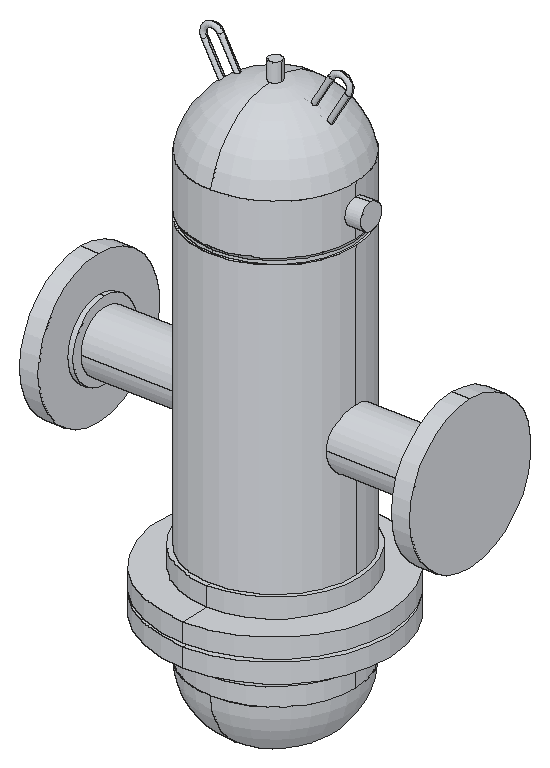
Revit family "WVA-2", category Mechanical Equipment, Revit 2014
Parameters (values of type "WVA-2")
  SlideFlangeStep2Diameter = 5.90551"
  SideFlangeStep1Diameter = 3.07087"
  SideDrainExtrusion = CylinderHalfLength * 0.13123  # 0.59054"
  PipeConnectorDiameter = 2"
  PartNumber = "72080020"
  MaximumOperatingTemperature = "240°F"
  MaximumOperatingPressure = "125 PSIG"
  MaximumFlow = "69 GPM"
  HookWidth = 3/4"
  SideFlangeThickness1 = 0.23622"
  SideFlangeThickness = 0.70866"
  LeftHookDistance = 0.35916"
  TopExtrusionDiameter = A * 0.1111  # 0.9999"
  SideFlangeStep2 = PipeDiameter * 1.667  # 3.95748"
  SideFlangeStep1 = PipeDiameter * 1.2165  # 2.88799"
  PipeDiameter = 2.37402"
  HookTopDistance = B * 0.01386  # 0.31878"
  HookDistance = A * 0.19597  # 1.76373"
  URL = "http://westank.com/"
  TotalHeight = B * 0.1364  # 3.1372"
  Step5Diameter = A * 0.21818  # 1.96363"
  Step4Diameter = A * 0.25455  # 2.29091"
  Step3Diameter = A * 0.18182  # 1.63638"
  Step2Diameter = A * 0.10909  # 0.98181"
  Step1Diameter = A * 0.05454  # 0.49086"
  RingDistance = B * 0.19599  # 4.50777"
  RevolveRadius = CylindarDia / 2  # 3.15"
  Model = "WVA-2"
  Manufacturer = "Wessels Company"
  HookDiameter = A * 0.0223  # 0.2007"
  Height2 = B * 0.00547  # 0.12581"
  Height1 = B * 0.03268  # 0.75164"
  D = 11 1/2"
  CylinderHeight = B * 0.781  # 17.963"
  CylinderHalfLength = A / 2  # 4 1/2"
  CouplingHeight = B * 0.15525  # 3.57075"
  C = 15 1/4"
  BottomRevolveHeight = B * 0.10886  # 2.50378"
  BottomExtrusionHeight = B * 0.01095  # 0.25185"
  B = 23"
  CylindarDia = A * 0.7  # 6.3"
  NumberOfArray = 9
  ArrayRadius = CylindarDia * 0.62598  # 3.9437"
  ApproximateShipmentWeight = "100 lbs"
  A = 9"
Reference planes (in)
  plane 1: z = 0
  plane 2 "Center (Left/Right)": x = 0
  plane 3: x = -3.15
  plane 4: y = 1.09449
  plane 5: y = -2.05551
  plane 6: x = 3.15
  plane 7: z = 23
  plane 8: z = 11.5
  plane 9: y = -5.20551
  plane 10: z = 20.4815
  plane 11: z = 2.5185
  plane 12: y = -2.55551
  plane 13: y = -1.55551
  plane 14: z = 19.98717
  plane 15: z = 18.98717
  plane 16: z = 19.48717
  plane 17: x = 4.5
  plane 18: z = 18.49223
  plane 19: z = 18.24223
  plane 20: x = 0
  plane 21: z = 3.01459
  plane 22: x = -4.5
  plane 23: y = -6.55551
  plane 24: y = 2.44449
  plane 25: x = 3.65
  plane 26: z = 4.08442
  plane 27: z = 0.25185
  plane 28: z = 2.75563
  plane 29: y = -2.15551
  plane 30: y = -1.95551
  plane 31: x = -7.625
  plane 32: x = 7.625
  plane 33: z = 11.5
  plane 34: x = 2
  plane 35: x = -2.03354
Forms (in)
  Extrusion 1, solid
    sketch origin (0, 0, 0) x (1, 0, 0) y (0, 1, 0)
      loop
        circle (0, -2.05551) r 3.15
    from 2.75563 to 20.4815
  Revolve 2, solid
    sketch origin (0, 0, 0) x (0, 1, 0) y (0, 0, 1)
      loop
        line (-2.05551, 20.4815) -> (-2.05551, 23)
        arc (-2.05551, 23) -> (-4.10042, 22.32849) -> (-5.20551, 20.4815) r 3.07813
        line (-5.20551, 20.4815) -> (-2.05551, 20.4815)
      axis (-2.05551, 23) -> (-2.05551, 20.4815)
    angle from 0 to 360
  Revolve 3, solid
    sketch origin (0, 0, 23) x (0, 1, 0) y (0, 0, 1)
      loop
        line (-2.05551, -20.24437) -> (-5.20551, -20.24437)
        arc (-5.20551, -20.24437) -> (-4.20829, -22.22317) -> (-2.05551, -22.74815) r 2.64392
        line (-2.05551, -22.74815) -> (-2.05551, -20.24437)
      axis (-2.05551, -22.74815) -> (-2.05551, -20.24437)
    angle from 0 to 360
  Extrusion 4, solid
    sketch origin (4.5, -180, 55.70663) x (0, 0, 1) y (0, -1, 0)
      loop
        circle (-36.21946, -177.94449) r 0.49995
    from -0.75947 to -2.67754
  Revolve 5, void
    sketch origin (0, 0, 0) x (0, 1, 0) y (0, 0, 1)
      loop
        line (1.14136, 18.55917) -> (1.00252, 18.36089) -> (1.00252, 18.24223) -> (1.14136, 18.24223) -> (1.14136, 18.55917)
      axis (-2.05551, 18.55917) -> (-2.05551, 18.24223)
    angle from 0 to 360
  Revolve 6, solid
    sketch origin (0, 0, 0) x (0, 1, 0) y (0, 0, 1)
      loop
        line (1.27519, 4.32239) -> (2.44449, 4.32239) -> (2.44449, 5.07403) -> (1.69769, 5.07403) -> (1.69769, 5.19984) -> (2.44449, 5.19984) -> (2.44449, 5.95148) -> (1.27519, 5.95148) -> (1.27519, 6.70795) -> (1.09449, 6.70795) -> (1.09449, 3.57075) -> (1.27519, 3.57075) -> (1.27519, 4.32239)
      axis (-2.05551, 6.70795) -> (-2.05551, 3.57075)
    angle from 0 to 360
  Extrusion 7, solid
    sketch origin (0, 0, 0) x (1, 0, 0) y (0, 1, 0)
      loop
        circle (0, -2.05551) r 0.24543
    from 0 to 0.25185
  Extrusion 8, solid
    sketch origin (0, 0, 0) x (0, 1, 0) y (0, 0, 1)
      loop
        circle (-2.05551, 11.5) r 1.18701
    from -6.68012 to 6.68012
  Extrusion 9, solid
    sketch origin (-7.625, -180, 25.05775) x (0, 0, 1) y (0, -1, 0)
      loop
        circle (-13.55775, -177.94449) r 1.53543
    from 0.94488 to 0.70866
  Extrusion 10, solid
    sketch origin (-7.625, -180, 25.05775) x (0, 0, 1) y (0, -1, 0)
      loop
        circle (-13.55775, -177.94449) r 2.95276
    from 0 to 0.70866
  Extrusion 11, solid
    sketch origin (7.625, -180, 25.05775) x (0, 0, 1) y (0, 1, 0)
      loop
        circle (-13.55775, 177.94449) r 1.53543
    from 0.94488 to 0.70866
  Extrusion 12, solid
    sketch origin (7.625, -180, 25.05775) x (0, 0, 1) y (0, 1, 0)
      loop
        circle (-13.55775, 177.94449) r 2.95276
    from 0 to 0.70866
  Extrusion 13, solid
    sketch origin (-60.41868, -180, 23) x (-1, 0, 0) y (0, -1, 0)
      loop
        circle (-60.41868, -177.94449) r 0.24543
    from 0 to 0.71071
  Sweep 14, solid
    path origin (-103.00749, 4.29869, 70.82299) x (-0.503156, 0.018503, 0.863997) y (0.864178, 0.004413, 0.503167)
      loop
        line (-92.98541, 62.71114) -> (-91.46355, 62.71114)
        arc (-91.46355, 62.71114) -> (-91.08855, 63.08614) -> (-91.46355, 63.46114) r 0.375
        line (-91.46355, 63.46114) -> (-92.98541, 63.46114)
    profile origin (-2.41058, 2.86894, 22.69547) x (0.864178, 0.004413, 0.503167) y (0.005498, 0.999819, -0.01821)
      loop
        circle (0, -4.875) r 0.10035
  Sweep 15, solid
    path origin (103.00749, 4.29869, 70.82299) x (0.503156, 0.018503, 0.863997) y (0.864178, -0.004413, -0.503167)
      loop
        line (-92.98541, -62.71114) -> (-91.46355, -62.71114)
        arc (-91.46355, -62.71114) -> (-91.08855, -63.08614) -> (-91.46355, -63.46114) r 0.375
        line (-91.46355, -63.46114) -> (-92.98541, -63.46114)
    profile origin (2.41058, 2.86894, 22.69547) x (0.864178, -0.004413, -0.503167) y (-0.005498, 0.999819, -0.01821)
      loop
        circle (0, -4.875) r 0.10035
Cuts and joins
  Revolve 5 cuts Extrusion 1
  joined: Extrusion 1, Extrusion 4, Revolve 6, Extrusion 8
  joined: Revolve 2, Sweep 14, Sweep 15
Dimensions and locks (in)
  equal spacing: plane 6, plane 2 "Center (Left/Right)", plane 3
  "CylindarDia": plane 6 to plane 3
  equal spacing: plane 7, plane 8, level
  "B": plane 7 to level
  equal spacing: plane 3, plane 2 "Center (Left/Right)", plane 6
  plane 3 to plane 6 = 6.3"
  equal spacing: plane 4, plane 5, plane 9
  plane 4 to plane 9 = 6.3"
  "RevolveRadius": plane 9 to plane 5
  equal spacing: plane 10, plane 8, plane 11
  "CylinderHeight": plane 10 to plane 11
  equal spacing: plane 12, plane 5, plane 13
  plane 12 to plane 13 = 1"
  plane 14 to plane 15 = 1"
  equal spacing: plane 14, plane 16, plane 15
  plane 10 to plane 14 = 0.49433"
  locked: Extrusion 4 sketch curve to plane 5
  locked: Extrusion 4 sketch curve to plane 16 at 0
  locked: Revolve 5 sketch curve to Revolve 5 sketch curve at 0.13884
  locked: plane 18 to plane 19 at 0.25
  "RingDistance": plane 7 to plane 18
  locked: plane 21 to plane 11 at 0.49609
  equal spacing: plane 17, plane 2 "Center (Left/Right)", plane 22
  "A": plane 17 to plane 22
  equal spacing: plane 23, plane 5, plane 24
  "A": plane 23 to plane 24
  locked: plane 25 to plane 6 at 0.5
  Revolve 6 to plane 26 = 0.23797"
  "Height1": Revolve 6 sketch curve to Revolve 6 sketch curve  (x3)
  "Height2": Revolve 6 sketch curve to Revolve 6 sketch curve
  "TotalHeight": Revolve 6 sketch curve to Revolve 6 sketch curve
  "CouplingHeight": level to Revolve 6 sketch curve
  equal spacing: plane 29, plane 5, plane 30
  equal spacing: plane 32, plane 2 "Center (Left/Right)", plane 31
  "C": plane 32 to plane 31
  "D": plane 33 to level
  "SideFlangeThickness": Extrusion 10 to plane 31
  "SideFlangeThickness1": Extrusion 9 to Extrusion 10
  "SideFlangeThickness": plane 32 to Extrusion 12
  "SideFlangeThickness1": Extrusion 11 to Extrusion 12
  locked: plane 20 to Extrusion 13 sketch curve at 0
  locked: plane 5 to Extrusion 13 sketch curve at 0
  "BottomExtrusionHeight": plane 27 to level
  "BottomRevolveHeight": plane 28 to plane 27
  locked: plane 20 to Extrusion 7 sketch curve at 0
  locked: Extrusion 7 sketch curve to plane 5 at 0
  plane 34 to plane 20 to plane 35 = 2", 2.03354"
  "SideDrainExtrusion": Extrusion 4 to plane 6
  "HookWidth": Sweep 14 sketch curve to Sweep 14 sketch curve
  "HookWidth": Sweep 15 sketch curve to Sweep 15 sketch curve
  "CylindarDia": diameter of Extrusion 1 sketch curve
  "TopExtrusionDiameter": diameter of Extrusion 4 sketch curve
  "Step1Diameter": diameter of Extrusion 13 sketch curve
  "PipeDiameter": diameter of Extrusion 8 sketch curve
  "SideFlangeStep1Diameter": diameter of Extrusion 9 sketch curve
  "SlideFlangeStep2Diameter": diameter of Extrusion 10 sketch curve
  "SideFlangeStep1Diameter": diameter of Extrusion 11 sketch curve
  "SlideFlangeStep2Diameter": diameter of Extrusion 12 sketch curve
  "Step1Diameter": diameter of Extrusion 7 sketch curve
  "HookDiameter": diameter of Sweep 14 sketch curve
  "HookDiameter": diameter of Sweep 15 sketch curve
  aligned and locked: level to plane 1
  aligned and locked: Revolve 2 sketch curve to Extrusion 1
  aligned and locked: plane 5 to Revolve 2 sketch curve  (x2)
  aligned and locked: Revolve 2 sketch curve to plane 5
  aligned and locked: Revolve 3 sketch curve to Extrusion 1
  aligned and locked: plane 5 to Revolve 3 sketch curve
  aligned and locked: plane 9 to Revolve 3 sketch curve
  aligned and locked: plane 9 to Revolve 2 sketch curve
  aligned and locked: plane 10 to Extrusion 1
  aligned and locked: Revolve 5 sketch curve to plane 19
  aligned and locked: plane 20 to plane 2 "Center (Left/Right)"
  aligned and locked: Revolve 6 sketch curve to Revolve 6 sketch curve
  aligned and locked: Revolve 6 sketch curve to plane 4
  aligned and locked: Revolve 6 sketch curve to plane 5
  aligned and locked: plane 24 to Revolve 6 sketch curve
  aligned and locked: Revolve 5 sketch curve to plane 5
  aligned and locked: Extrusion 1 to plane 28
  aligned and locked: plane 27 to Extrusion 7
  aligned and locked: Extrusion 7 to level
  aligned and locked: Extrusion 10 to plane 31
  aligned and locked: Extrusion 9 to Extrusion 10
  aligned and locked: Extrusion 8 to Extrusion 9
  aligned and locked: Extrusion 12 to Extrusion 11
  aligned and locked: Extrusion 8 to Extrusion 11
  aligned and locked: plane 32 to Extrusion 12
  aligned and locked: Extrusion 13 to plane 7
Automatic sketch dimensions
  Revolve 3 sketch curve to plane 5 = 0"
  Revolve 3 sketch curve to plane 27 = 0"  (x2)
  Revolve 3 sketch curve to plane 28 = 0"
  Revolve 3 sketch curve to plane 12 = 0.00764"
  Revolve 5 sketch curve to plane 4 = 0.09196"
  plane 19 to Revolve 5 sketch curve = 0.11866"
  plane 18 to Revolve 5 sketch curve = 0.06694"
  Revolve 5 sketch curve to level = 12"
  Revolve 2 sketch curve to plane 10 = 0"
  Revolve 2 sketch curve to plane 7 = 0"
  Revolve 2 sketch curve to plane 29 = 0.02272"
  plane 7 to Revolve 2 sketch curve = 2.7327"
  plane 7 to Revolve 5 sketch curve = 72 7/8"
  Extrusion 1 sketch curve to plane 2 "Center (Left/Right)" = 0"
  Extrusion 1 sketch curve to plane 5 = 0"
  Revolve 6 sketch curve to plane 4 = 0"
  Revolve 6 sketch curve to Revolve 6 sketch curve = 0.1807"  (x2)
  plane 4 to Revolve 6 sketch curve = 0.6032"
  Revolve 6 sketch curve to level = 12"
  plane 7 to Revolve 6 sketch curve = 73"
  Extrusion 8 sketch curve to plane 5 = 0"
  Extrusion 8 sketch curve to plane 8 = 0"
  Extrusion 9 sketch curve to plane 5 = 0"
  Extrusion 9 sketch curve to plane 8 = 0"
  Extrusion 10 sketch curve to plane 5 = 0"
  Extrusion 10 sketch curve to plane 8 = 0"
  Extrusion 11 sketch curve to plane 5 = 0"
  Extrusion 11 sketch curve to plane 8 = 0"
  Extrusion 12 sketch curve to plane 5 = 0"
  Extrusion 12 sketch curve to plane 8 = 0"
  Sweep 14 sketch curve to Sweep 14 sketch curve = 1.52185"
  Sweep 14 sketch curve to Sweep 14 sketch curve = 0"
  Sweep 14 sketch curve to profile plane = 0"
  Sweep 14 sketch curve to profile plane = 4 7/8"
  Sweep 15 sketch curve to Sweep 15 sketch curve = 1.52185"
  Sweep 15 sketch curve to Sweep 15 sketch curve = 0"
  profile plane to Sweep 15 sketch curve = 0"
  Sweep 15 sketch curve to profile plane = 4 7/8"
Connectors (in)
  piping at (7.625, -2.05551, 11.5), diameter 2, driven by "PipeConnectorDiameter"
    settings: on Extrusion 12, index 1, connector inside diameter 24", connector length 0", flow factor 0, pipe flow 0 GPM, pressure drop 0.00 psi, fitting loss kfactor 0, connector angle 0.00°, fixture units 0, engagement length 0", angle of deflection 0.00°, flow configuration 0, flow direction 0, fitting loss method 0, system type 7, joint type 0, gender type 0, connector reference index 2, connector utility 0, adjustable connector no, is connector primary yes, connector description ""
  piping at (-7.625, -2.05551, 11.5), diameter 2, driven by "PipeConnectorDiameter"
    settings: on Extrusion 10, index 2, connector inside diameter 24", connector length 0", flow factor 0, pipe flow 0 GPM, pressure drop 0.00 psi, fitting loss kfactor 0, connector angle 0.00°, fixture units 0, engagement length 0", angle of deflection 0.00°, flow configuration 0, flow direction 0, fitting loss method 0, system type 7, joint type 0, gender type 0, connector reference index 1, connector utility 0, adjustable connector no, is connector primary no, connector description ""
